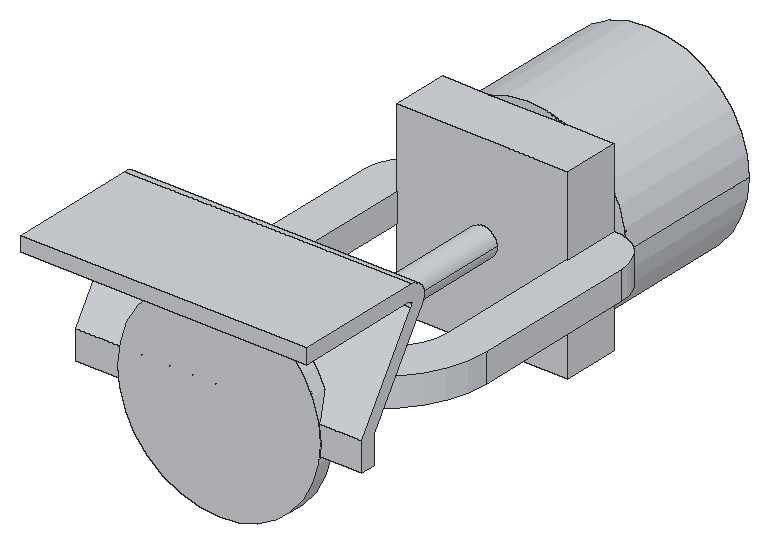
Revit family
Parameters (values of type "RASCO SW56 HSW")
  Temperature Rating = 135 °F
  Response = 1
  RASCO SIN # = "R6834"
  RASCO Part # = "SWH0W"
  Pressure Rating = "300 PSI"
  Pressure Class = 1
  Orifice Size = 1/2"
  Orifice = (empty or 0)
  Model = "SW56"
  Manufacturer = "RASCO"
  K-Factor = 5.6
  Description = "White Finish"
  Coverage = (empty or 0)
Reference planes (in)
  plane 1 "Center (Front/Back)": y = 0
  plane 2: z = 0
  plane 3 "Center (Left/Right)": x = 0
Dimensions and locks (in)
  aligned and locked: plane 2 to level
Nested families (in)
  nested 1: "SWH0W" at (0, 0, 0), type "RASCO SW56 HSW"
Connectors (in)
  piping at (-0.01236, 1.34926, 1.25584)
    settings: on nested 1, index 1, connector radius 115/256", flow factor 0, pipe flow 0 GPM, pressure drop 0.00 psi, fitting loss kfactor 0, connector angle 0.00°, fixture units 0, flow configuration 0, flow direction 0, fitting loss method 0, system type 7, connector reference index -1, connector utility 0, adjustable connector no, is connector primary yes, fitting loss table "", connector description ""
Definition of nested family "SWH0W"
  Parameters (values of type "RASCO SW56 HSW")
    Type Comments = ""
    Temperature Rating = 0 °F
    Response = (empty or 0)
    Pressure Rating = "0"
    Pressure Class = (empty or 0)
    Orifice Size = 0"
    Orifice = (empty or 0)
    Model = ""
    Manufacturer = ""
    K-Factor = 0
    Description = ""
    Coverage = (empty or 0)
    Assembly Code = ""
  Reference planes (in)
    plane 1 "Center (Front/Back)": y = 0
    plane 2: z = 0
    plane 3 "ref.2": z = 0.6875
    plane 4 "ref.3": z = 0.9375
    plane 5: x = -0.38065
    plane 6: x = 0.36935
    plane 7 "ref. side 1": y = 0.06402
    plane 8 "ref. side 2": y = -0.06098
    plane 9 "ref.4": z = 1.875
    plane 10 "ref.5": z = 2.3125
    plane 11 "ref.6": z = 2.4375
    plane 12 "center": x = -0.00574
  Forms (in)
    Extrusion 1, solid
      sketch origin (-0.01236, 1.37309, 1.25584) x (-1, 0, 0) y (0, 0, -1)
        loop
          circle (0, 0) r 0.4379
      from 0.02383 to 0.6875
    Extrusion 2, solid
      sketch origin (0.10949, 0.68559, 1.20407) x (-1, 0, 0) y (0, 0, -1)
        loop
          line (-0.2588, 0.356) -> (-0.2588, -0.4565) -> (0.4912, -0.4565) -> (0.4912, 0.356) -> (-0.2588, 0.356)
      from 0 to 0.25
    Extrusion 3, solid
      sketch origin (-0.01236, 1.3722, 1.25584) x (-1, 0, 0) y (0, -1, 0)
        loop
          line (-0.38065, 0.68754) -> (-0.38065, 1.58397)
          arc (-0.38065, 1.58397) -> (-0.29541, 1.78976) -> (-0.08962, 1.875) r 0.29103
          line (-0.08962, 1.875) -> (0.07524, 1.875)
          arc (0.07524, 1.875) -> (0.28321, 1.78886) -> (0.36935, 1.58089) r 0.29411
          line (0.36935, 1.58089) -> (0.36935, 0.68751)
          arc (0.36935, 0.68751) -> (0.50207, 0.74393) -> (0.55685, 0.87734) r 0.18984
          line (0.55685, 0.87734) -> (0.55685, 1.61676)
          arc (0.55685, 1.61676) -> (0.42629, 1.93194) -> (0.11111, 2.0625) r 0.44574
          line (0.11111, 2.0625) -> (-0.12259, 2.0625)
          arc (-0.12259, 2.0625) -> (-0.43765, 1.932) -> (-0.56815, 1.61694) r 0.44556
          line (-0.56815, 1.61694) -> (-0.56815, 0.87876)
          arc (-0.56815, 0.87876) -> (-0.51345, 0.74486) -> (-0.38065, 0.68754) r 0.19126
      from -0.06402 to 0.06098
    Extrusion 4, solid
      sketch origin (-0.01236, 0.43559, 1.25584) x (1, 0, 0) y (0, 0, 1)
        loop
          circle (0.00574, -0.00152) r 0.0625
      from 0 to 0.9375
    Extrusion 5, solid
      sketch origin (-0.01236, -0.50191, 1.25584) x (1, 0, 0) y (0, 0, 1)
        loop
          circle (0.00574, -0.00152) r 0.1875
      from 0 to 0.4375
    Extrusion 6, solid
      sketch origin (-0.01236, -0.89954, 1.2504) x (-1, 0, 0) y (0, 0, 1)
        loop
          circle (-0.00574, -0.00152) r 0.44275
      from -0.10531 to -0.03987
    Extrusion 7, solid
      sketch origin (-0.00662, 1.2679, 1.26334) x (0, -1, 0) y (0, 0, 1)
        loop
          line (2.27263, -0.06402) -> (2.27263, 0.06098) -> (2.00466, 0.4658)
          arc (2.00466, 0.4658) -> (2.00382, 0.48409) -> (2.01953, 0.49348) r 0.01783
          line (2.01953, 0.49348) -> (2.57559, 0.49348) -> (2.57559, 0.55848) -> (2.00257, 0.55848)
          arc (2.00257, 0.55848) -> (1.94355, 0.52319) -> (1.9467, 0.4545) r 0.067
          line (1.9467, 0.4545) -> (2.20719, 0.06098) -> (2.20719, -0.06402) -> (2.27263, -0.06402)
      from -0.62515 to 0.62904
  Cuts and joins
    joined: Extrusion 1, Extrusion 2, Extrusion 4
